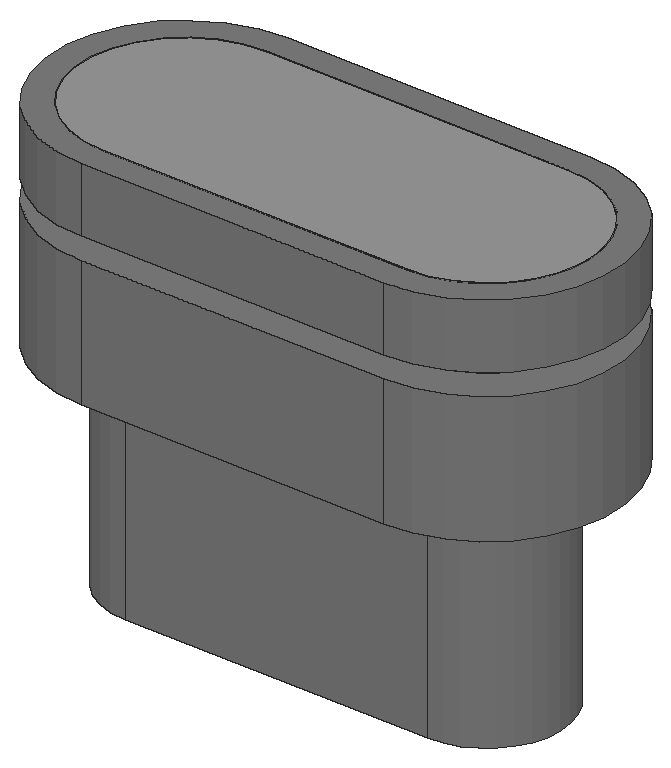
Revit family "ME_polyethylene cable pit_ACO", category Mechanical Equipment, Revit 2020 (continued)
Definition of nested family "PE_lids_assembly"
  Parameters (values of type "std(nested)")
    desc_uk [instance] = if(product_index = 47, "Type 8 Steel 2 part PowerLok lid (AS 3996 Cl B) ", if(product_index = 46, "Type 8 Steel 2 part lid (AS 3996 Cl B)", if(product_index = 45, "Type 8 Cement concrete 2 part lid (AS 3996 Cl A) - Electricity ", if(product_index = 44, "Type 8 Cement concrete 2 part lid (AS 3996 Cl A) - Communications ", if(product_index = 43, "Type 8 Cement concrete 2 part lid (AS 3996 Cl A) - Blank ", if(product_index = 42, "Type 96 Steel 2 part PowerLok lid (AS 3996 Cl B) ", if(product_index = 41, "Type 96 Steel 2 part lid (AS 3996 Cl B)", if(product_index = 40, "Type 96 Polymer concrete 2 part lid (AS 3996 Cl A) - Electricity ", if(product_index = 39, "Type 96 Polymer concrete 2 part lid (AS 3996 Cl A) - Communications ", if(product_index = 38, "Type 96 Polymer concrete 2 part lid (AS 3996 Cl A) - Blank ", if(product_index = 37, "Type 95 Steel PowerLok lid (AS 3996 Cl B) ", if(product_index = 36, "Type 95 Steel lid (AS 3996 Cl B)", if(product_index = 35, "Type 95 Polymer concrete lid (AS 3996 Cl A) - Electricity ", if(product_index = 34, "Type 95 Polymer concrete lid (AS 3996 Cl A) - Communications ", if(product_index = 33, "Type 95 Polymer concrete lid (AS 3996 Cl A) - Blank ", if(product_index = 32, "Type 63 Steel lid (AS 3996 Cl B)", if(product_index = 31, "Type 63 Polymer concrete lid (AS 3996 Cl A) - Electricity ", if(product_index = 30, "Type 63 Polymer concrete lid (AS 3996 Cl A) - Communications ", if(product_index = 29, "Type 63 Polymer concrete lid (AS 3996 Cl A) - Blank ", if(product_index = 28, "Type 52 Steel lid (AS 3996 Cl B)", if(product_index = 27, "Type 52 Polymer concrete lid (AS 3996 Cl A) - Electricity ", if(product_index = 26, "Type 52 Polymer concrete lid (AS 3996 Cl A) - Communications ", if(product_index = 25, "Type 52 Polymer concrete lid (AS 3996 Cl A) - Blank ", if(product_index = 24, "Type 99 Steel 2 part PowerLok lid (AS 3996 Cl B) ", if(product_index = 23, "Type 99 Steel 2 part lid (AS 3996 Cl B)", if(product_index = 22, "Type 99 Polymer concrete 2 part lid (AS 3996 Cl A) - Electricity ", if(product_index = 21, "Type 99 Polymer concrete 2 part lid (AS 3996 Cl A) - Communications ", if(product_index = 20, "Type 99 Polymer concrete 2 part lid (AS 3996 Cl A) - Blank ", if(product_index = 19, "Type 66H Steel PowerLok lid (AS 3996 Cl B) ", if(product_index = 18, "Type 66H Steel lid (AS 3996 Cl B)", if(product_index = 17, "Type 66H Polymer concrete lid (AS 3996 Cl A) - Electricity ", if(product_index = 16, "Type 66H Polymer concrete lid (AS 3996 Cl A) - Communications ", if(product_index = 15, "Type 66H Polymer concrete lid (AS 3996 Cl A) - Blank ", if(product_index = 14, "Type 66 Steel PowerLok lid (AS 3996 Cl B)", if(product_index = 13, "Type 66 Steel lid (AS 3996 Cl B)", if(product_index = 12, "Type 66 Polymer concrete lid (AS 3996 Cl A) - Electricity ", if(product_index = 11, "Type 66 Polymer concrete lid (AS 3996 Cl A) - Communications ", if(product_index = 10, "Type 66 Polymer concrete lid (AS 3996 Cl A) - Blank ", if(product_index = 9, "Type 45 Steel PowerLok lid (AS 3996 Cl B)", if(product_index = 8, "Type 45 Steel lid (AS 3996 Cl B)", if(product_index = 7, "Type 45 Polymer concrete lid (AS 3996 Cl A) - Electricity ", if(product_index = 6, "Type 45 Polymer concrete lid (AS 3996 Cl A) - Communications ", if(product_index = 5, "Type 45 Polymer concrete lid (AS 3996 Cl A) - Blank ", if(product_index = 4, "Type 33 Steel lid (AS 3996 Cl B)", if(product_index = 3, "Type 33 Polymer concrete lid (AS 3996 Cl A) - Electricity ", if(product_index = 2, "Type 33 Polymer concrete lid (AS 3996 Cl A) - Communications", if(product_index = 1, "Type 33 Polymer concrete lid (AS 3996 Cl A) - Blank ", "NA")))))))))))))))))))))))))))))))))))))))))))))))  # "Type 33 Polymer concrete lid (AS 3996 Cl A) - Blank "
    depth_01_C_ANZRS [instance] = 20 mm
    content_version_C_ANZRS = "1.0"  # constant formula
    content_date_changed_C_ANZRS = ""
    content_creator_C_ANZRS = "ACO Technology Centre, INDIA"  # constant formula
    code_specification_URL_C_ANZRS = ""
    code_gtin_C_ANZRS [instance] = "-"  # constant formula
    code_article_C_ANZRS [instance] = if(product_index = 47, "76830", if(product_index = 46, "76820", if(product_index = 45, "75012", if(product_index = 44, "75011", if(product_index = 43, "75010", if(product_index = 42, "79630", if(product_index = 41, "79620", if(product_index = 40, "74650", if(product_index = 39, "74655", if(product_index = 38, "74660", if(product_index = 37, "79530", if(product_index = 36, "79520", if(product_index = 35, "74904", if(product_index = 34, "74893", if(product_index = 33, "74886", if(product_index = 32, "76320", if(product_index = 31, "74786", if(product_index = 30, "74772", if(product_index = 29, "74765", if(product_index = 28, "75520", if(product_index = 27, "74696", if(product_index = 26, "74682", if(product_index = 25, "74675", if(product_index = 24, "79930", if(product_index = 23, "79920", if(product_index = 22, "75541", if(product_index = 21, "75532", if(product_index = 20, "75525", if(product_index = 19, "76630", if(product_index = 18, "76620", if(product_index = 17, "75160", if(product_index = 16, "75154", if(product_index = 15, "75149", if(product_index = 14, "76630", if(product_index = 13, "76620", if(product_index = 12, "75160", if(product_index = 11, "75154", if(product_index = 10, "75149", if(product_index = 9, "74530", if(product_index = 8, "74521", if(product_index = 7, "74527", if(product_index = 6, "75414", if(product_index = 5, "75400", if(product_index = 4, "73320", if(product_index = 3, "75303", if(product_index = 2, "75299", if(product_index = 1, "75282", "Combination not available")))))))))))))))))))))))))))))))))))))))))))))))  # "75282"
    URL = "www.acocablemate.com.au"
    Telephone = "1300 765 226"  # constant formula
    Manufacturer = "ACO"  # constant formula
    IfcExportType = "Gridtype"  # constant formula
    IfcExportAs = "UserDefined"  # constant formula
    IfcDescription = Description  # "Cablemate"
    Description = "Cablemate"  # constant formula
    Default Elevation = 0 mm
    Address = "ACO Pty Ltd, Australia"  # constant formula
    2_lid_visibility [instance] = or(type_index = 10, type_index = 9, type_index = 5)  # no
Definition of nested family "ZZZ_do not use_ME_polymer_box_riser_ACO"
  Parameters (values of type "std(nested)")
    width_01_C_ANZRS [instance] = size_lookup(lookup_table_name, "width", 0 mm, type_index)  # 710 mm
    type_index [instance] = 77
    thickness [instance] = 7 mm  # constant formula
    cut_distance [instance] = 350 mm  # constant formula
    box_riser_check [instance] = yes
    pit_opening_width [instance] = size_lookup(lookup_table_name, "pit_opening_width", 0 mm, type_index)  # 600 mm
    pit_base_width [instance] = size_lookup(lookup_table_name, "pit_base_width", 0 mm, type_index)  # 562 mm
    material_C_ANZRS = none
    lookup_table_name = "cable_pit_box"  # constant formula
    height_01_C_ANZRS [instance] = size_lookup(lookup_table_name, "height", 0 mm, type_index)  # 655 mm
    depth_01_C_ANZRS [instance] = size_lookup(lookup_table_name, "depth", 0 mm, type_index)  # 710 mm
    beneath_rebate [instance] = size_lookup(lookup_table_name, "beneath_rebate", 0 mm, type_index)  # 601 mm
    Default Elevation = 0 mm
  Reference planes
    plane 1 "Center (Front/Back)": y = 0
    plane 2: z = 0
    plane 3 "Center (Left/Right)": x = 0
    plane 4: y = 355
    plane 5: y = -355
    plane 6: x = 355
    plane 7: x = -355
    plane 8: z = -655
    plane 9: z = -655
    plane 10: z = -54
    plane 11: y = -281
    plane 12: y = 281
    plane 13: y = 300
    plane 14: y = -300
    plane 15: x = 300
    plane 16: x = -300
    plane 17: x = -281
    plane 18: x = 281
    plane 19: z = -648
    plane 20: z = -350
  Forms (mm)
    Sweep 1, solid, material <- "material_C_ANZRS", visible <- "box_riser_check"
      path origin (0, 0, 0) x (1, 0, 0) y (0, 1, 0)
        loop
          line (-355, 355) -> (-355, -355) -> (355, -355) -> (355, 355) -> (-355, 355)
      profile origin (0, 355, 0) x (0, 1, 0) y (0, 0, 1)
        loop
          line (0, 0) -> (-7, 0) -> (-7, -47) -> (-47.5, -47) -> (-47.5, -655) -> (-42.5, -655) -> (-42.5, -54) -> (0, -54) -> (0, 0)
    Extrusion 2, void
      sketch origin (0, 0, 0) x (0, 1, 0) y (0, 0, 1)
        loop
          line (1027.761, -350) -> (-1092.239, -350) -> (-1092.239, -655) -> (1027.761, -655) -> (1027.761, -350)
      from -518.537 to 775.328
  Cuts and joins
    Extrusion 2 cuts Sweep 1
  Dimensions and locks
    equal spacing: plane 7, plane 3 "Center (Left/Right)", plane 6
    equal spacing: plane 4, plane 1 "Center (Front/Back)", plane 5
    "height_01_C_ANZRS": level to plane 8
    "width_01_C_ANZRS": plane 7 to plane 6
    "depth_01_C_ANZRS": plane 4 to plane 5
    plane 4 to plane 5 = 710 mm
    level to plane 8 = 655 mm
    plane 9 to plane 8 = 0 mm
    "beneath_rebate": plane 10 to plane 8
    equal spacing: plane 12, plane 1 "Center (Front/Back)", plane 11  (x2)
    plane 12 to plane 11 = 562 mm
    equal spacing: plane 13, plane 1 "Center (Front/Back)", plane 14  (x2)
    plane 13 to plane 14 = 600 mm
    equal spacing: plane 16, plane 3 "Center (Left/Right)", plane 15
    equal spacing: plane 17, plane 3 "Center (Left/Right)", plane 18
    "pit_base_width": plane 17 to plane 18
    "pit_opening_width": plane 16 to plane 15
    "thickness": plane 19 to plane 8
    plane 18 to plane 17 = 562 mm
    plane 15 to plane 16 = 600 mm
    "pit_base_width": plane 12 to plane 11
    "pit_opening_width": plane 13 to plane 14
    "thickness": Sweep 1 sketch curve to plane 10
    "thickness": Sweep 1 sketch curve to Sweep 1 sketch curve
    "cut_distance": plane 2 to plane 20
    aligned and locked: level to plane 2
    aligned and locked: Sweep 1 sketch curve to plane 4
    aligned and locked: Sweep 1 sketch curve to plane 6
    aligned and locked: plane 5 to Sweep 1 sketch curve
    aligned and locked: plane 7 to Sweep 1 sketch curve
    aligned and locked: Sweep 1 sketch curve to plane 10
    aligned and locked: plane 4 to Sweep 1 sketch curve
    aligned and locked: Sweep 1 sketch curve to profile plane
    aligned and locked: plane 9 to Sweep 1 sketch curve
    aligned and locked: Extrusion 2 to plane 8
    aligned and locked: Extrusion 2 to plane 20
  Automatic sketch dimensions
    Extrusion 2 sketch curve to level = 350 mm
    Extrusion 2 sketch curve to plane 5 = 737.239 mm
    plane 4 to Extrusion 2 sketch curve = 672.761 mm
    Extrusion 2 sketch curve to plane 8 = 0 mm
    profile plane to Sweep 1 sketch curve = 42.5 mm
    Sweep 1 sketch curve to Sweep 1 sketch curve = 5 mm
Types (14, lengths in mm): name | width_01_C_ANZRS | type_index | steel_lid_check | powerlok_lid_check | polymer_lid_check | net_mass_S_ANZRS | square_pit_index | square_pit_check | riser_height | lids | circular_riser_check | riser | product_index | description_C_ANZRS | desc_uk | cylinder_pit_check | code_supplier_article_C_ANZRS | circular_pit_check | pitch_distance | pit_opening_width | pit_opening_depth | pit_base_width | pit_base_depth | height_01_C_ANZRS | depth_01_C_ANZRS | circular_pit_index | cement_lid_check | box_pit_index | box_pit_check | beneath_riser | beneath_rebate | R1
  Type 1 | 518 | 1 | no | no | no | 3.00 kg | 3 | no | 0 | PE_lids_assembly : cement concrete lid - Blank | no | no | 1 | "Type 1 polyethylene pit" | "Type 1 polyethylene pit" | no | "75858" | yes | 281 | 426 | 146 | 410 | 129 | 400 | 238 | 1 | yes | 55 | no | 200 | 346 | 119
  Type 2 | 660 | 2 | no | no | no | 6.00 kg | 3 | no | 200 | PE_lids_assembly : cement concrete lid - Blank | yes | yes | 2 | "Type 2 polyethylene pit" | "Type 2 polyethylene pit" | no | "75946" | yes | 370 | 568 | 197 | 536 | 166 | 575 | 290 | 2 | yes | 55 | no | 329 | 521 | 145
  Type 3 | 565 | 3 | no | no | no | 6.50 kg | 3 | yes | 0 | PE_lids_assembly : cement concrete lid - Blank | no | no | 4 | "Type 3 polyethylene pit" | "Type 3 polyethylene pit" | no | "75865" | no | 230 | 455 | 225 | 437 | 207 | 530 | 335 | 1 | yes | 55 | no | 174 | 526 | 167.5
  Type 4 | 715 | 4 | no | no | no | 12.00 kg | 4 | yes | 0 | PE_lids_assembly : cement concrete lid - Blank | no | no | 5 | "Type 4 polyethylene pit" | "Type 4 polyethylene pit" | no | "75957" | no | 305 | 605 | 300 | 567 | 262 | 800 | 410 | 1 | yes | 55 | no | 448 | 745 | 205
  Type 5 retroribs full | 713 | 50 | no | no | no | 10.00 kg | 50 | yes | 0 | PE_lids_assembly : cement concrete lid - Blank | no | no | 7 | "Type 5 polyethylene pit (retroribs full)" | "Type 5 polyethylene pit (retroribs full)" | no | "7604299" | no | 250 | 603 | 353 | 585 | 335 | 635 | 463 | 1 | yes | 55 | no | 283 | 581 | 231.5
  Type 6 | 1378 | 6 | no | no | no | 33.00 kg | 6 | yes | 0 | PE_lids_assembly : cement concrete lid - Blank | no | no | 8 | "Type 6 polyethylene pit" | "Type 6 polyethylene pit" | no | "75475" | no | 813 | 1268 | 455 | 1226 | 413 | 670 | 565 | 1 | yes | 55 | no | 318 | 616 | 282.5
  Type 7 | 1020 | 7 | no | no | no | 33.00 kg | 7 | yes | 0 | PE_lids_assembly : cement concrete lid - Blank | no | no | 9 | "Type 7 polyethylene pit" | "Type 7 polyethylene pit" | no | "76132" | no | 445 | 910 | 455 | 864 | 419 | 1145 | 565 | 1 | yes | 55 | no | 697 | 1136 | 282.5
  Type 8 retroribs side | 1375 | 8 | no | no | no | 42.00 kg | 8 | yes | 0 | PE_lids_assembly : cement concrete lid - Blank | no | no | 10 | "Type 8 polyethylene pit (retroribs side only)" | "Type 8 polyethylene pit (retroribs side only)" | no | "75018" | no | 813 | 1248 | 455 | 1226 | 413 | 890 | 565 | 1 | yes | 55 | no | 418 | 836 | 282.5
  Type 8 retroribs full | 1378 | 80 | no | no | no | 42.00 kg | 80 | yes | 0 | PE_lids_assembly : cement concrete lid - Blank | no | no | 11 | "Type 8 polyethylene pit (retroribs full)" | "Type 8 polyethylene pit (retroribs full)" | no | "75019" | no | 813 | 1248 | 455 | 1226 | 413 | 890 | 565 | 1 | yes | 55 | no | 418 | 836 | 282.5
  Type 5 retroribs side | 713 | 5 | no | no | no | 10.00 kg | 5 | yes | 0 | PE_lids_assembly : cement concrete lid - Blank | no | no | 6 | "Type 5 polyethylene pit (retroribs side only)" | "Type 5 polyethylene pit (retroribs side only)" | no | "76042" | no | 250 | 603 | 353 | 585 | 335 | 635 | 463 | 1 | yes | 55 | no | 283 | 581 | 231.5
  Type 43 | 430 | 43 | no | no | no | 4.00 kg | 3 | no | 0 | PE_lids_assembly : cement concrete lid - Blank | no | no | 12 | "Type 43 polyethylene pit" | "Type 43 polyethylene pit" | yes | "74308" | no | 0 | 292 | 292 | 393 | 393 | 606 | 430 | 1 | yes | 55 | no | 0 | 540 | 215
  Type 53 | 541 | 53 | no | no | yes | 3.00 kg | 3 | no | 0 | PE_lids_assembly : polymer concrete lid - Blank | no | no | 3 | "Type  53 polyethylene pit" | "Type  53 polyethylene pit" | no | "75785" | yes | 158 | 451 | 200 | 339 | 181 | 448 | 291 | 53 | no | 55 | no | 216 | 394 | 145.5
  Type 55 | 560 | 55 | yes | no | no | 8.00 kg | 3 | no | 0 | PE_lids_assembly : steel lid | no | no | 13 | "Type 55 polyethylene pit" | "Type 55 polyethylene pit" | no | "76253" | no | -45 | 445 | 0 | 400 | 445 | 510 | 560 | 1 | no | 55 | yes | 0 | 450 | 280
  Type 77 | 710 | 77 | no | yes | no | 13.00 kg | 3 | no | 0 | PE_lids_assembly : steel powerlok lid | no | no | 14 | "Type 77 polyethylene pit" | "Type 77 polyethylene pit" | no | "76344" | no | -38 | 600 | 0 | 562 | 600 | 655 | 710 | 1 | no | 77 | yes | 0 | 601 | 355
